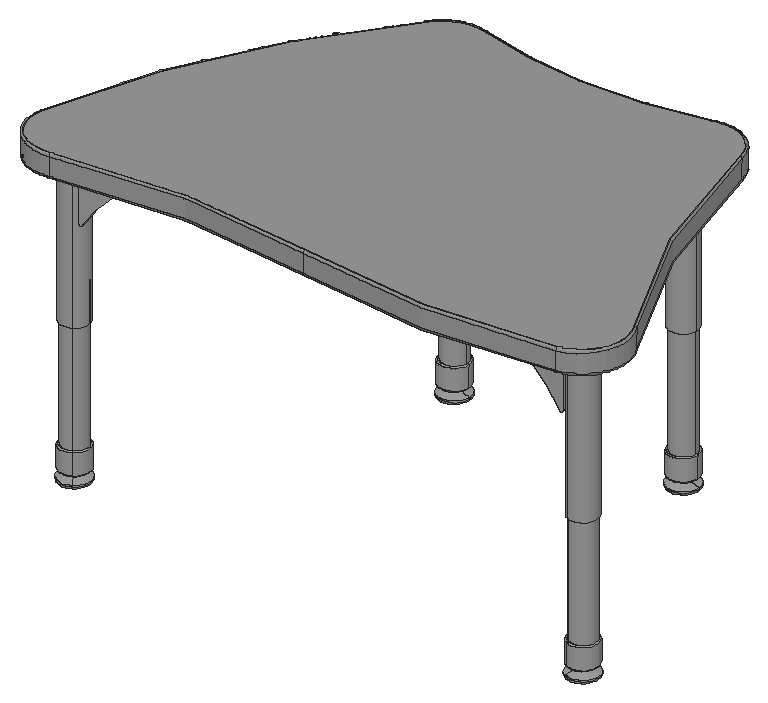
Revit family "Hierarchy Creator Octagional Trapezoid Desk - Youth Height", category Furniture, Revit 2018
Family settings
  Work Plane-Based = No
  Always vertical = Yes
  Cut with Voids When Loaded = No
  Shared = No
  Room Calculation Point = No
Parameters
  Surface = Hierarchy Creator Octagional Trapezoid Desk Youth Surface
  Leg Finish = Hierarchy Leg Platinum
  Edgeband = Hierarchy Creator Octagional Trapezoid Desk Youth Edgeband
  Desk Height = 1' - 4"
  Caster/Glide = Hierarchy Youth Leg - Glide : Hierarchy Youth Leg - Glide
Reference planes (in)
  plane 1 "Center (Front/Back)": y = 0
  plane 2: z = 0
  plane 3 "Center (Left/Right)": x = 0
  plane 4: z = 16
Dimensions and locks (in)
  "Desk Height": plane 4 to level
  aligned and locked: plane 2 to level
  aligned and locked: nested 1 to plane 4
Nested families (in)
  nested 1: "Creator Octagonal Trapezoid Desk Tabletop" at (0, 0, 2.97788), type "Creator Octagonal Trapezoid Desk Tabletop"
  nested 2: "Hierarchy Youth Leg - Glide" at (-14.28534, -7.27315, 0) x (-0.5582, 0.8297, 0) z (0, 0, 1), Leg Finish <- "Leg Finish", Leg Height <- "Desk Height", type "Hierarchy Youth Leg - Glide"
    with Leg Height 1' - 4", Leg Finish Hierarchy Leg Platinum
  nested 3: "Hierarchy Youth Leg - Glide" at (-6.1836, 8.67733, 0), type <- "Caster/Glide", Leg Finish <- "Leg Finish", Leg Height <- "Desk Height", type "Hierarchy Youth Leg - Glide"
    with Leg Height 1' - 4", Leg Finish Hierarchy Leg Platinum
  nested 4: "Hierarchy Youth Leg - Glide" at (6.43356, 8.60737, 0), type <- "Caster/Glide", Leg Finish <- "Leg Finish", Leg Height <- "Desk Height", type "Hierarchy Youth Leg - Glide"
    with Leg Height 1' - 4", Leg Finish Hierarchy Leg Platinum
  nested 5: "Hierarchy Youth Leg - Glide" at (13.38715, -6.96755, 0) x (-0.413, -0.9107, 0) z (0, 0, 1), Leg Finish <- "Leg Finish", Leg Height <- "Desk Height", type "Hierarchy Youth Leg - Glide"
    with Leg Height 1' - 4", Leg Finish Hierarchy Leg Platinum
Definition of nested family "Creator Octagonal Trapezoid Desk Tabletop"
  Parameters (values of type "Creator Octagonal Trapezoid Desk Tabletop")
    Surface = none
    Edgeband = none
  Reference planes (in)
    plane 1 "Center (Front/Back)": y = 0
    plane 2: z = 0
    plane 3 "Center (Left/Right)": x = 0
  Forms (in)
    Extrusion 1, solid, material <- "Surface"
      sketch origin (0, 0, 0) x (1, 0, 0) y (0, 1, 0)
        loop
          arc (-5.91145, 10.36445) -> (-7.16878, 10.34189) -> (-8.21519, 9.64446) r 2.23655
          arc (-8.21519, 9.64446) -> (-13.25206, 1.87414) -> (-16.37514, -6.84335) r 40.15638
          arc (-16.37514, -6.84335) -> (-15.80546, -8.89623) -> (-13.77129, -9.52952) r 2.22538
          arc (-13.77129, -9.52952) -> (-6.85259, -8.80415) -> (0.08106, -9.36898) r 37.50697
          arc (0.08106, -9.36898) -> (6.94642, -9.93062) -> (13.7979, -9.21946) r 37.27653
          arc (13.7979, -9.21946) -> (15.42998, -7.89246) -> (15.25081, -5.79663) r 2.24865
          arc (15.25081, -5.79663) -> (11.67977, 1.13685) -> (9.50316, 8.62602) r 40.52121
          arc (9.50316, 8.62602) -> (8.4874, 10.11552) -> (6.70427, 10.3817) r 2.25084
          arc (6.70427, 10.3817) -> (3.38145, 9.72593) -> (0, 9.53365) r 24.55409
          arc (0, 9.53365) -> (-2.98222, 9.76051) -> (-5.91145, 10.36445) r 23.49085
      from 13.02212 to 14.27206
    Sweep 2, solid, material <- "Edgeband"
      path origin (0, 0, 0) x (1, 0, 0) y (0, 1, 0)
        loop
          arc (0, 9.53365) -> (-2.98222, 9.76051) -> (-5.91145, 10.36445) r 23.49085
          arc (-5.91145, 10.36445) -> (-7.16878, 10.34189) -> (-8.21519, 9.64446) r 2.23655
          arc (-8.21519, 9.64446) -> (-13.25206, 1.87414) -> (-16.37514, -6.84335) r 40.15638
          arc (-16.37514, -6.84335) -> (-15.80546, -8.89623) -> (-13.77129, -9.52952) r 2.22538
          arc (-13.77129, -9.52952) -> (-6.85259, -8.80415) -> (0.08106, -9.36898) r 37.50697
          arc (0.08106, -9.36898) -> (6.94642, -9.93062) -> (13.7979, -9.21946) r 37.27653
          arc (13.7979, -9.21946) -> (15.42998, -7.89246) -> (15.25081, -5.79663) r 2.24865
          arc (15.25081, -5.79663) -> (11.67977, 1.13685) -> (9.50316, 8.62602) r 40.52121
          arc (9.50316, 8.62602) -> (8.4874, 10.11552) -> (6.70427, 10.3817) r 2.25084
          arc (6.70427, 10.3817) -> (3.38145, 9.72593) -> (0, 9.53365) r 24.55409
      profile origin (-2.98222, 9.76051, 0) x (-0.139173, -0.990268, 0) y (0, 0, 1)
        loop
          line (0, 13.02218) -> (0, 14.27206)
          arc (0, 14.27206) -> (-0.08841, 14.23311) -> (-0.12472, 14.14358) r 0.12854
          line (-0.12472, 14.14358) -> (-0.12472, 13.15066)
          arc (-0.12472, 13.15066) -> (-0.08841, 13.06113) -> (0, 13.02218) r 0.12854
  Dimensions and locks (in)
    aligned and locked: plane 2 to level
Definition of nested family "Hierarchy Youth Leg - Glide"
  Parameters (values of type "Hierarchy Youth Leg - Glide")
    Leg Finish [instance] = none
    Leg Height [instance] = 1' - 4.80117"
  Reference planes (in)
    plane 1 "Center (Front/Back)": y = 0
    plane 2: z = 0
    plane 3 "Center (Left/Right)": x = 0
  Forms (in)
    Extrusion 1, solid
      sketch origin (-0.01562, 0, 0) x (1, 0, 0) y (0, 1, 0)
        loop
          circle (0.01563, 0) r 0.67016
      from 0.67618 to 10.55018
    Revolve 2, solid
      sketch origin (0, 0, 0) x (1, 0, 0) y (0, 0, 1)
        loop
          line (-0.73189, 1.80118) -> (-0.79439, 1.73867) -> (-0.79439, 0.61381) -> (-0.73176, 0.55118) -> (-0.125, 0.55118) -> (-0.125, 0.42618) -> (-0.84656, 0.16241) -> (-0.84656, 0.08994) -> (-0.81359, 0) -> (0, 0) -> (0, 1.80118) -> (-0.73189, 1.80118)
        axis (0, 1.80118) -> (0, 0)
      angle from 0 to 360
  Dimensions and locks (in)
    "Leg Height": nested 1 to level  (x2)
    aligned and locked: plane 2 to level
  Automatic sketch dimensions
    plane 1 "Center (Front/Back)" to Extrusion 1 sketch curve = 0' - 0"
    Extrusion 1 sketch curve to plane 3 "Center (Left/Right)" = 0' - 0"
    Revolve 2 sketch curve to level = 0' - 0"
    Revolve 2 sketch curve to plane 3 "Center (Left/Right)" = 0' - 0"  (x2)
    Revolve 2 sketch curve to plane 3 "Center (Left/Right)" = 0' - 0 1/8"
    Revolve 2 sketch curve to Revolve 2 sketch curve = 0' - 0.60676"
    Revolve 2 sketch curve to Revolve 2 sketch curve = 0' - 0.73189"
    Revolve 2 sketch curve to Revolve 2 sketch curve = 0' - 0.06263"  (x2)
    Revolve 2 sketch curve to Revolve 2 sketch curve = 0' - 0.08183"
    Revolve 2 sketch curve to Revolve 2 sketch curve = 0' - 0.03297"
    level to Revolve 2 sketch curve = 0' - 0.08994"
    Revolve 2 sketch curve to Revolve 2 sketch curve = 0' - 0.07247"
    level to Revolve 2 sketch curve = 0' - 0.42618"
    Revolve 2 sketch curve to Revolve 2 sketch curve = 0' - 0 1/8"
    Revolve 2 sketch curve to Revolve 2 sketch curve = 0' - 1.12486"
    Revolve 2 sketch curve to Revolve 2 sketch curve = 0' - 0 1/16"
    Revolve 2 sketch curve to level = 2' - 0"
    Revolve 2 sketch curve to Revolve 2 sketch curve = 8' - 4.91764"
    radius of Extrusion 1 sketch curve = 0' - 0.67016"
  Nested families (in)
    nested 1: "Hierarchy Youth Upper Leg 2023" at (0, 0, 0), Leg Finish <- "Leg Finish", type "Hierarchy Youth Upper Leg 2023"
      with Leg Finish none
  Definition of nested family "Hierarchy Youth Upper Leg 2023"
    Parameters (values of type "Hierarchy Youth Upper Leg 2023")
      Leg Finish [instance] = none
    Reference planes (in)
      plane 1 "Center (Front/Back)": y = 0
      plane 2: z = 0
      plane 3 "Center (Left/Right)": x = 0
    Forms (in)
      Extrusion 1, solid, material <- "Leg Finish"
        sketch origin (0, 0, -11.001) x (1, 0, 0) y (0, 1, 0)
          loop
            circle (0, 0) r 0.75
        from 19.67618 to 27.67618
      Extrusion 2, solid, material <- "Leg Finish"
        sketch origin (0, 0, -11.001) x (1, 0, 0) y (0, 1, 0)
          loop
            line (-1.70174, 0.19183) -> (-2.88626, -2.26116)
            arc (-2.88626, -2.26116) -> (-2.83993, -3.09822) -> (-2.1063, -3.50394) r 0.86614
            line (-2.1063, -3.50394) -> (2.1063, -3.50394)
            arc (2.1063, -3.50394) -> (2.83993, -3.09822) -> (2.88626, -2.26116) r 0.86614
            line (2.88626, -2.26116) -> (1.70174, 0.19183)
            arc (1.70174, 0.19183) -> (0, 1.25984) -> (-1.70174, 0.19183) r 1.88976
        from 27.67618 to 27.80217
      Extrusion 3, solid, material <- "Leg Finish"
        sketch origin (-1.48519, 8.66524, -11.001) x (-0.434844, 0.900506, 0) y (0, 0, 1)
          loop
            line (-9.01425, 27.67618) -> (-11.80952, 27.67618)
            arc (-11.80952, 27.67618) -> (-11.92325, 27.58993) -> (-11.87088, 27.45715) r 0.11811
            arc (-11.87088, 27.45715) -> (-10.39364, 26.29679) -> (-9.23328, 24.81955) r 7.87402
            arc (-9.23328, 24.81955) -> (-9.1005, 24.76717) -> (-9.01425, 24.88091) r 0.11811
            line (-9.01425, 24.88091) -> (-9.01425, 27.67618)
        from -1.94075 to -1.81476
      Extrusion 4, solid, material <- "Leg Finish"
        sketch origin (1.48519, 8.66524, -11.001) x (0.434844, 0.900506, 0) y (0, 0, -1)
          loop
            line (-9.01425, -27.67618) -> (-9.01425, -24.88091)
            arc (-9.01425, -24.88091) -> (-9.1005, -24.76717) -> (-9.23328, -24.81955) r 0.11811
            arc (-9.23328, -24.81955) -> (-10.39364, -26.29679) -> (-11.87088, -27.45715) r 7.87402
            arc (-11.87088, -27.45715) -> (-11.92325, -27.58993) -> (-11.80952, -27.67618) r 0.11811
            line (-11.80952, -27.67618) -> (-9.01425, -27.67618)
        from -1.94075 to -1.81476
    Dimensions and locks (in)
      aligned and locked: plane 2 to level
